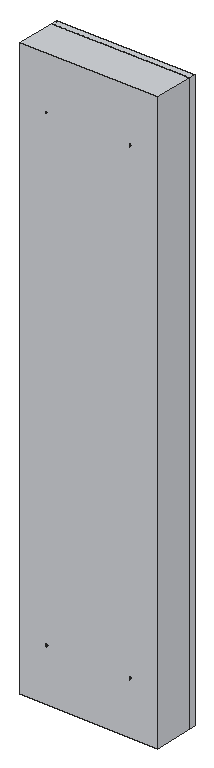
Revit family "AX9233_0009", category Appareils sanitaires, Revit 2016
Family settings
  Hôte = Mur
  Type d'élément = Normal
  Cote de connecteur circulaire = Utiliser le diamètre
  Numéro OmniClass = 23.75.00.00
  Titre OmniClass = Climate Control (HVAC)
  Toujours verticalement = Oui
  Couper avec des vides une fois chargée = Non
  Partagée = Non
  Point de calcul de pièce = Non
Parameters (values of type "Type 1")
  URL = "http://www.axeuro.com/fr/combines-2-en-1/23896-combine-distributeur-d-essuie-mains-et-poubelle-ax9233.html?search_query=ax9233&results=3"
  Modèle = "AX9233"  # constant formula
  Matériaux = "\tEn inox 304 (18/10) Bactériostatique"  # constant formula
  Finition = "\tBrossé Poli Satiné HyperPolish"  # constant formula
  Fabricant = "Axeuro"  # constant formula
  Description = "Combiné distributeur d'essuie-mains et poubelle"  # constant formula
Reference planes
  plane 1 "Mur": y = 0
  plane 2 "Centre (gauche/droite)": x = 0
  plane 3 "Arrière": y = 75
  plane 4: z = 0
  plane 5: x = 400
  plane 6: z = 2300
  plane 7: x = -400
Forms (mm)
  Extrusion 1, solid
    sketch origin (-694.809, 171, 105.613) x (1, 0, 0) y (0, 0, 1)
      loop
        line (859.809, 1894.65) -> (529.809, 1894.65) -> (529.809, 497.164) -> (859.809, 497.164) -> (859.809, 1894.65)
    from -13.992 to 1.008
  Extrusion 2, solid
    sketch origin (820.378, 171, -21.708) x (1, 0, 0) y (0, 0, 1)
      loop
        line (-655.378, 2021.972) -> (-985.378, 2021.972) -> (-985.378, 624.486) -> (-655.378, 624.486) -> (-655.378, 2021.972)
    from 1.008 to 96
  Extrusion 3, void
    sketch origin (-18.054, 171, -110) x (1, 0, 0) y (0, 0, 1)
      loop
        line (134.919, 1607.895) -> (-98.811, 1607.895)
        arc (-98.811, 1607.895) -> (-104.563, 1605.512) -> (-106.946, 1599.76) r 8.135
        line (-106.946, 1599.76) -> (-106.946, 1366.03)
        arc (-106.946, 1366.03) -> (-104.563, 1360.277) -> (-98.811, 1357.895) r 8.135
        line (-98.811, 1357.895) -> (134.919, 1357.895)
        arc (134.919, 1357.895) -> (140.672, 1360.277) -> (143.054, 1366.03) r 8.135
        line (143.054, 1366.03) -> (143.054, 1599.76)
        arc (143.054, 1599.76) -> (140.672, 1605.512) -> (134.919, 1607.895) r 8.135
    from -28.21 to 15.861
  Extrusion 4, solid
    sketch origin (-15.854, 169.992, 172.757) x (1, 0, 0) y (0, 0, 1)
      loop
        circle (125.604, 1575.159) r 8.25
    from -15 to -12.919
  Extrusion 5, void
    sketch origin (-18.772, 169.992, 215.727) x (1, 0, 0) y (0, 0, 1)
      loop
        line (129.522, 1537.139) -> (127.522, 1537.139) -> (127.522, 1527.239) -> (129.522, 1527.239) -> (129.522, 1537.139)
    from -15 to -12.919
  Extrusion 6, solid, not visible
    sketch origin (2.754, 75, -43.399) x (1, 0, 0) y (0, 0, 1)
      loop
        circle (125.604, 1575.159) r 8.25
    from -15 to -12.919
  Extrusion 7, void, not visible
    sketch origin (-0.165, 75, -0.43) x (1, 0, 0) y (0, 0, 1)
      loop
        line (129.522, 1537.139) -> (127.522, 1537.139) -> (127.522, 1527.239) -> (129.522, 1527.239) -> (129.522, 1537.139)
    from -15 to -12.919
  Extrusion 8, solid
    sketch origin (-15.854, 169.992, -408.131) x (1, 0, 0) y (0, 0, 1)
      loop
        circle (125.604, 1575.159) r 8.25
    from -15 to -12.919
  Extrusion 9, void
    sketch origin (-18.772, 169.992, -365.162) x (1, 0, 0) y (0, 0, 1)
      loop
        line (129.522, 1537.139) -> (127.522, 1537.139) -> (127.522, 1527.239) -> (129.522, 1527.239) -> (129.522, 1537.139)
    from -15 to -12.919
  Extrusion 10, void
    sketch origin (0, 171, 0) x (1, 0, 0) y (0, 0, 1)
      loop
        line (125, 1497.895) -> (-125, 1497.895) -> (-125, 1247.895) -> (125, 1247.895) -> (125, 1497.895)
    from -13.992 to 85.1
  Extrusion 11, void
    sketch origin (0, 102.347, -9.53) x (0, 1, 0) y (0, 0, 1)
      loop
        circle (21.632, 1883.772) r 3
    from 125 to 140.963
  Extrusion 12, void
    sketch origin (0, 171, 0) x (1, 0, 0) y (0, 0, 1)
      loop
        line (163.1, 1998.364) -> (-163.1, 1998.364) -> (-163.1, 604.678) -> (163.1, 604.678) -> (163.1, 1998.364)
    from -12.092 to 94.1
  Extrusion 13, void
    sketch origin (1.96, 0, -22.853) x (1, 0, 0) y (0, 0, 1)
      loop
        circle (-101.96, 1895.874) r 3
    from -76.9 to -75
  Extrusion 14, void
    sketch origin (-1.96, 0, -22.853) x (-1, 0, 0) y (0, 0, -1)
      loop
        circle (-101.96, -1895.874) r 3
    from -76.9 to -75
  Extrusion 15, void
    sketch origin (1.96, 0, 2625.894) x (1, 0, 0) y (0, 0, 1)
      loop
        circle (-101.96, -1895.874) r 3
    from -76.9 to -75
  Extrusion 16, void
    sketch origin (-1.96, 0, 2625.894) x (-1, 0, 0) y (0, 0, -1)
      loop
        circle (-101.96, 1895.874) r 3
    from -76.9 to -75
Cuts and joins
  Extrusion 3, Extrusion 5, Extrusion 9, Extrusion 12, Extrusion 14 cuts Extrusion 1
  Extrusion 3, Extrusion 10, Extrusion 11, Extrusion 12, Extrusion 13, Extrusion 14, Extrusion 15, Extrusion 16 cuts Extrusion 2
  Extrusion 5, Extrusion 9 cuts Extrusion 4
  Extrusion 9 cuts Extrusion 8
Lines and regions (mm)
  reference lines
    curve 1: line (-100, 48.735, 0) -> (100, 48.735, 0)
Text (mm)
  text "Côté de la mise en place" at (-1820.995, 1116.779, 0), in view "Niveau de réf."
  text "Côté de la mise en place" at (0, 1334.055, 2976.191), in view "Gauche"
  text "Côté de la mise en place" at (0, 439.194, 2944.362), in view "Droite"
Dimensions and locks
  locked: plane 3 "Arrière" to host wall
  cut or joined group of Extrusion 1, Extrusion 3, Extrusion 5, Extrusion 9, Extrusion 12, Extrusion 14 to cut or joined group of Extrusion 2, Extrusion 3, Extrusion 10, Extrusion 11, Extrusion 12, Extrusion 13, Extrusion 14, Extrusion 15, Extrusion 16 = 109.992 mm
  aligned and locked: plane 1 "Mur" to host wall
  aligned and locked: host sketch curve to plane 7
  aligned and locked: host sketch curve to plane 4
  aligned and locked: host sketch curve to plane 5
  aligned and locked: host sketch curve to plane 6
